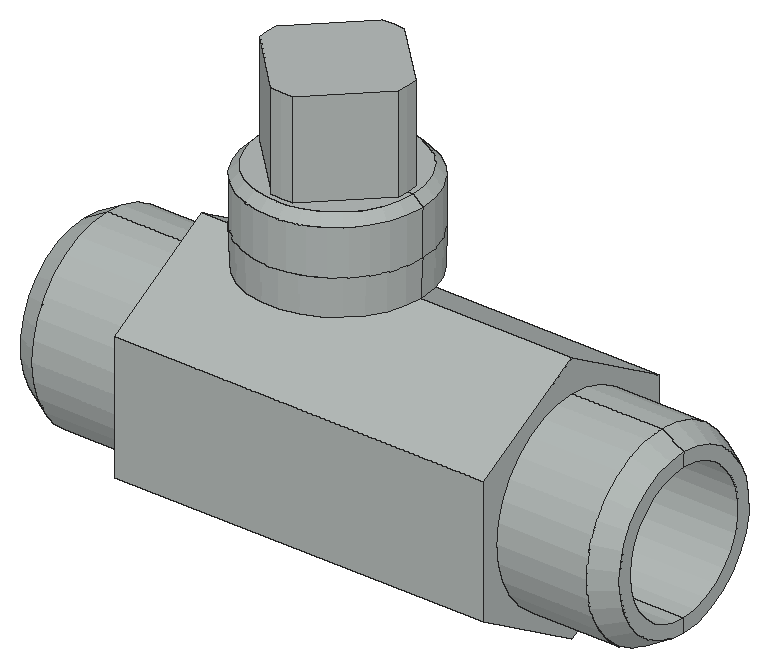
Revit family "QL11100000", category Apparecchi idraulici, Revit 2020
Family settings
  Quota connettore circolare = Usa diametro
  Tipo di parte = Normale
  Numero OmniClass = 23.45.00.00
  Titolo OmniClass = Sanitary, Laundry, and Cleaning Equipment
  Basato su piano di lavoro = No
  Sempre verticale = Sì
  Taglio con vuoti quando caricato = No
  Condiviso = No
  Punto di calcolo locali = No
Parameters
  URL = "https://web.cimberio.com/index.php/figura/38?subcategoria_id=47"
  Temperatura di esercizio = "-20 ÷ 95°C"
  Prospetto di default = 0 mm
  Produttore = "CIMBERIO SPA"
  Pressione nominale = "PN 150"
  Modello = "Cim 016"
  Materiale = "Prodotto in lega di ottone conforme alla norma EN 12165-CW617N-DW"
  Descrizione = "Realizzato in ottemperanza ai requisiti gestionali della norma EN ISO 9001.\r\nUtilizzato per la regolazione della temperatura degli ambienti e comandare apparecchi degli impianti di riscaldamento e condizionamento."
  DN Model [instance] = QL11101015 : QL11101015
  DN [instance] = 15 mm
  Commenti sul tipo = "Utilizzato nei più svariati settori dell'impiantistica: impianti di riscaldamento, condizionamento, idrici, igienico-sanitari, aria compressa e in generale con ogni fluido non corrosivo"
Reference planes
  plane 1 "Centro (Fronte/Retro)": y = 0
  plane 2: z = 0
  plane 3 "Centro (Sinistra/Destra)": x = 0
Dimensions and locks
  aligned and locked: level to plane 2
Nested families
  nested 1: "QL11101015" at (0, 0, 0), type <- "DN Model", type "QL11101015"
  nested 2: "QL11101015" at (0, 0, 0), type <- "DN Model", type "QL11101015"
  nested 3: "QL11101015" at (0, 0, 0), type <- "DN Model", type "QL11101015"
Connectors
  piping at (32.238, 0, 11.892), diameter 15, driven by "DN"
    settings: on nested 1, index 1, connector inside diameter 609.6 mm, connector length 0 mm, flow factor 0, pipe flow 0.0 L/s, pressure drop 0.0 Pa, fitting loss kfactor 0, connector angle 0.00°, fixture units 0, engagement length 0 mm, angle of deflection 0.00°, flow configuration 0, flow direction 0, fitting loss method 0, system type 7, joint type 0, gender type 0, connector reference index -1, connector utility 0, adjustable connector no, is connector primary yes, connector description ""
  piping at (-27.762, 0, 11.892), diameter 15, driven by "DN"
    settings: on nested 1, index 2, connector inside diameter 609.6 mm, connector length 0 mm, flow factor 0, pipe flow 0.0 L/s, pressure drop 0.0 Pa, fitting loss kfactor 0, connector angle 0.00°, fixture units 0, engagement length 0 mm, angle of deflection 0.00°, flow configuration 0, flow direction 0, fitting loss method 0, system type 7, joint type 0, gender type 0, connector reference index -1, connector utility 0, adjustable connector no, is connector primary no, connector description ""
Definition of nested family "QL11101015"
  Parameters (values of type "QL11101015")
    URL = "https://web.cimberio.com/index.php/figura/1418?subcategoria_id="
    Temperatura di esercizio = "-10 ÷ 110°C"
    Default Elevation = 0 mm
    Manufacturer = "CIMBERIO SPA"
    Pressione nominale = "PN 10"
    Model = "Cim 150VIC"
    Materiale = "Prodotto in lega di ottone conforme alla norma EN 12165-CW617N-DW"
    Description = "Utilizzato nei più svariati settori dell'impiantistica: impianti di riscaldamento, condizionamento, idrici, igienico-sanitari e in generale con ogni fluido non corrosivo"
    DN Model [instance] = HG00081015 : HG00081015
    DN [instance] = 15 mm
    Type Comments = "Realizzato in ottemperanza ai requisiti gestionali della norma EN ISO 9001.\r\nCollaudato al 100% secondo la normativa EN 12266-1"
  Reference planes
    plane 1 "Centro (Fronte/Retro)": y = 0
    plane 2: z = 0
    plane 3 "Centro (Sinistra/Destra)": x = 0
  Forms (mm)
    Extrusion 1, solid
      sketch origin (0, 0, 14) x (0, 1, 0) y (0, 0, 1)
        loop
          circle (0, 0) r 7.5
        loop
          line (0, 14) -> (-12.124, 7) -> (-12.124, -7) -> (0, -14) -> (12.124, -7) -> (12.124, 7) -> (0, 14)
      from -15.043 to 25.957
    Revolve 2, solid
      sketch origin (-0.985, 0, 0) x (1, 0, 0) y (0, 0, 1)
        loop
          line (-14.058, 24.427) -> (-24.564, 24.422) -> (-27.063, 22.977) -> (-27.063, 21.5) -> (-14.058, 21.5) -> (-14.058, 24.427)
        axis (-14.058, 14) -> (-27.063, 14)
      angle from 0 to 360
    Revolve 3, solid
      sketch origin (11.389, 0, 0) x (-1, 0, 0) y (0, 0, -1)
        loop
          line (-14.058, -24.427) -> (-14.058, -21.5) -> (-27.063, -21.5) -> (-27.063, -22.977) -> (-24.564, -24.422) -> (-14.058, -24.427)
        axis (-14.058, -14) -> (-27.063, -14)
      angle from 0 to 360
    Revolve 4, solid
      sketch origin (0, 0, 4.375) x (1, 0, 0) y (0, 0, 1)
        loop
          line (9.5, 32.758) -> (8.5, 33.758) -> (0, 33.758) -> (0, 23.8) -> (9.397, 23.8) -> (9.5, 27.758) -> (9.5, 32.758)
        axis (0, 33.758) -> (0, 23.8)
      angle from 0 to 360
    Extrusion 5, solid
      sketch origin (0, 0, 4.375) x (1, 0, 0) y (0, 1, 0)
        loop
          arc (-7.707, 1.199) -> (-7.8, -0.004) -> (-7.707, -1.207) r 7.8
          line (-7.707, -1.207) -> (-1.203, -7.711)
          arc (-1.203, -7.711) -> (0, -7.804) -> (1.203, -7.711) r 7.8
          line (1.203, -7.711) -> (7.707, -1.207)
          arc (7.707, -1.207) -> (7.8, -0.004) -> (7.707, 1.199) r 7.8
          line (7.707, 1.199) -> (1.203, 7.703)
          arc (1.203, 7.703) -> (0, 7.796) -> (-1.203, 7.703) r 7.8
          line (-1.203, 7.703) -> (-7.707, 1.199)
      from 33.758 to 44.258
  Dimensions and locks
    aligned and locked: level to plane 2
